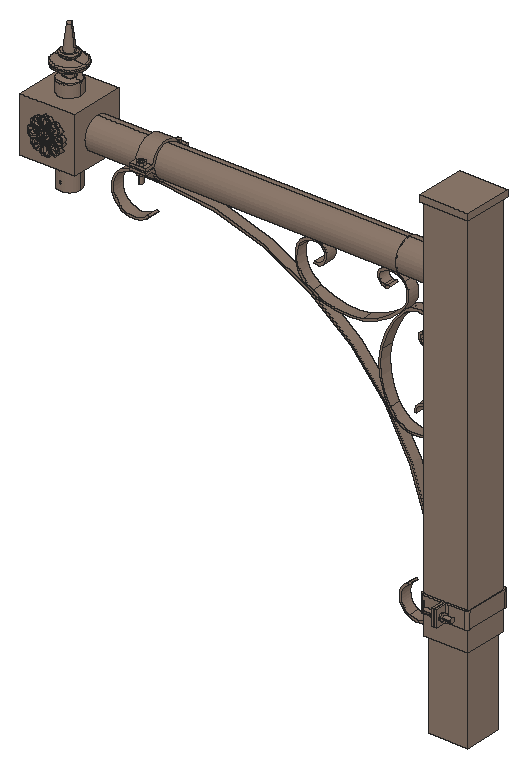
Revit family "PA844", category Generic Models, Revit 2014
Parameters
  TOP CAP = Bronze, Architectural
  TENON = Bronze, Architectural
  SCROLL CLAMPS = Bronze, Architectural
  SCROLL = Bronze, Architectural
  OUTLET = Bronze, Architectural
  FINIAL = Bronze, Architectural
  BODY = Bronze, Architectural
  ARM = Bronze, Architectural
Reference planes (in)
  plane 1 "Center (Front/Back)": y = 0
  plane 2: z = 0
  plane 3 "Center (Left/Right)": x = 0
  plane 4: z = 8
  plane 5: x = 1.75
  plane 6: x = -1.75
  plane 7: x = 1.75
  plane 8: x = 1.5
Forms (in)
  Extrusion 1, solid, material "Bronze, Architectural" <- "ARM"
    sketch origin (0, 0, 0.17188) x (1, 0, 0) y (0, 0, 1)
      loop
        line (-33.5, 39.59529) -> (-38.5, 39.59529) -> (-38.5, 34.59529) -> (-33.5, 34.59529) -> (-33.5, 39.59529)
    from -2.5 to 2.5
  Revolve 2, solid, material "Bronze, Architectural" <- "OUTLET"
    sketch origin (0, 0, 0.17188) x (1, 0, 0) y (0, 0, 1)
      loop
        line (-36, 34.59529) -> (-37, 34.59529) -> (-37, 31.84529) -> (-36, 31.84529) -> (-36, 34.59529)
      axis (-36, 34.59529) -> (-36, 31.84529)
    angle from 0 to 360
  Revolve 3, solid, material "Bronze, Architectural" <- "FINIAL"
    sketch origin (0, 0, 0.17188) x (1, 0, 0) y (0, 0, 1)
      loop
        arc (-36, 45.34529) -> (-36.12401, 45.29843) -> (-36.18603, 45.18126) r 0.1875
        line (-36.18603, 45.18126) -> (-36.465, 42.97029) -> (-36.70963, 42.92629)
        arc (-36.70963, 42.92629) -> (-36.78339, 42.88345) -> (-36.8125, 42.80327) r 0.125
        line (-36.8125, 42.80327) -> (-36.8125, 42.76231)
        arc (-36.8125, 42.76231) -> (-36.78339, 42.68213) -> (-36.70963, 42.63929) r 0.125
        line (-36.70963, 42.63929) -> (-36.49378, 42.60047)
        arc (-36.49378, 42.60047) -> (-36.39094, 42.47459) -> (-36.49941, 42.35353) r 0.125
        line (-36.49941, 42.35353) -> (-37.3915, 42.23474)
        arc (-37.3915, 42.23474) -> (-37.46904, 42.19318) -> (-37.5, 42.11083) r 0.125
        line (-37.5, 42.11083) -> (-37.5, 41.97029)
        arc (-37.5, 41.97029) -> (-37.46339, 41.8819) -> (-37.375, 41.84529) r 0.125
        line (-37.375, 41.84529) -> (-37.14824, 41.84529)
        arc (-37.14824, 41.84529) -> (-36.98937, 41.7192) -> (-36.79154, 41.67409) r 0.45796
        arc (-36.79154, 41.67409) -> (-36.89436, 41.57139) -> (-36.79162, 41.46861) r 0.10274
        line (-36.79162, 41.46861) -> (-36.52644, 41.42091)
        arc (-36.52644, 41.42091) -> (-36.48955, 41.39949) -> (-36.475, 41.3594) r 0.0625
        line (-36.475, 41.3594) -> (-36.475, 40.95345)
        arc (-36.475, 40.95345) -> (-36.48703, 40.91658) -> (-36.5185, 40.89391) r 0.0625
        line (-36.5185, 40.89391) -> (-37.019, 40.73417)
        arc (-37.019, 40.73417) -> (-37.05047, 40.7115) -> (-37.0625, 40.67463) r 0.0625
        line (-37.0625, 40.67463) -> (-37.0625, 39.59529) -> (-36, 39.59529) -> (-36, 45.34529)
      axis (-36, 39.59529) -> (-36, 45.34529)
    angle from 0 to 360
  Extrusion 4, solid, material "Bronze, Architectural" <- "SCROLL"
    sketch origin (0, 0, 0) x (1, 0, 0) y (0, 0, 1)
      loop
        arc (-29.75965, 35.7176) -> (-31.5871, 32.90144) -> (-28.26995, 32.38488) r 2
        line (-28.26995, 32.38488) -> (-28.41013, 32.51015)
        arc (-28.41013, 32.51015) -> (-31.41518, 32.97751) -> (-29.76121, 35.5296) r 1.812
        line (-29.76121, 35.5296) -> (-27.21262, 35.46287)
        arc (-27.21262, 35.46287) -> (-9.93583, 28.33308) -> (-2.376, 11.24009) r 25.10022
        line (-2.376, 11.24009) -> (-2.376, 9.47)
        arc (-2.376, 9.47) -> (-3.0984, 8.20433) -> (-4.55555, 8.18267) r 1.46996
        arc (-4.55555, 8.18267) -> (-5.27928, 9.35672) -> (-4.61031, 10.56281) r 1.36547
        line (-4.61031, 10.56281) -> (-4.71634, 10.71846)
        arc (-4.71634, 10.71846) -> (-5.46707, 9.34592) -> (-4.6429, 8.01618) r 1.55347
        arc (-4.6429, 8.01618) -> (-3.00112, 8.04345) -> (-2.188, 9.46999) r 1.65793
        line (-2.188, 9.46999) -> (-2.188, 11.31018)
        arc (-2.188, 11.31018) -> (-9.82701, 28.4894) -> (-27.21072, 35.65086) r 25.29283
        line (-27.21072, 35.65086) -> (-29.75965, 35.7176)
      loop
        arc (-3.68586, 31.07747) -> (-3.13459, 30.56676) -> (-2.40845, 30.76026) r 0.77829
        arc (-2.40845, 30.76026) -> (-2.00597, 31.95928) -> (-2.60963, 33.07069) r 1.58388
        arc (-2.60963, 33.07069) -> (-3.90375, 33.43572) -> (-5.10644, 32.83445) r 1.86271
        arc (-5.10644, 32.83445) -> (-6.39852, 31.1574) -> (-7.18533, 29.19197) r 7.70405
        arc (-7.18533, 29.19197) -> (-7.2283, 26.78027) -> (-6.44513, 24.49887) r 6.95648
        arc (-6.44513, 24.49887) -> (-4.98494, 23.19535) -> (-3.02777, 23.16743) r 2.79862
        arc (-3.02777, 23.16743) -> (-2.19999, 23.9199) -> (-2.01488, 25.02315) r 1.70921
        arc (-2.01488, 25.02315) -> (-2.74436, 25.84826) -> (-3.82284, 25.62507) r 1.09781
        arc (-3.82284, 25.62507) -> (-4.04128, 25.29948) -> (-4.07663, 24.909) r 0.79136
        line (-4.07663, 24.909) -> (-3.89088, 24.9346)
        arc (-3.89088, 24.9346) -> (-3.86203, 25.23017) -> (-3.7028, 25.48085) r 0.63957
        arc (-3.7028, 25.48085) -> (-2.80811, 25.67185) -> (-2.19928, 24.98901) r 0.91031
        arc (-2.19928, 24.98901) -> (-2.36393, 24.01092) -> (-3.09631, 23.34205) r 1.52171
        arc (-3.09631, 23.34205) -> (-4.92909, 23.37482) -> (-6.28897, 24.60399) r 2.61192
        arc (-6.28897, 24.60399) -> (-7.044, 26.81526) -> (-7.00218, 29.1515) r 6.76898
        arc (-7.00218, 29.1515) -> (-6.23315, 31.06887) -> (-4.97119, 32.70447) r 7.51655
        arc (-4.97119, 32.70447) -> (-3.88952, 33.24873) -> (-2.72362, 32.9218) r 1.67521
        arc (-2.72362, 32.9218) -> (-2.193, 31.94565) -> (-2.54291, 30.89115) r 1.39638
        arc (-2.54291, 30.89115) -> (-3.09751, 30.75081) -> (-3.511, 31.14615) r 0.59079
        arc (-3.511, 31.14615) -> (-3.52407, 31.37504) -> (-3.36996, 31.54478) r 0.29639
        line (-3.36996, 31.54478) -> (-3.44923, 31.7147)
        arc (-3.44923, 31.7147) -> (-3.69828, 31.44463) -> (-3.68586, 31.07747) r 0.48389
      loop
        arc (-6.85623, 34.39679) -> (-7.25157, 34.81028) -> (-7.11123, 35.36488) r 0.59079
        arc (-7.11123, 35.36488) -> (-6.05673, 35.71479) -> (-5.08058, 35.18417) r 1.39638
        arc (-5.08058, 35.18417) -> (-4.75365, 34.01827) -> (-5.29791, 32.9366) r 1.67521
        arc (-5.29791, 32.9366) -> (-6.93351, 31.67464) -> (-8.85088, 30.90561) r 7.51655
        arc (-8.85088, 30.90561) -> (-11.1962, 30.86522) -> (-13.41448, 31.62769) r 6.76898
        arc (-13.41448, 31.62769) -> (-14.63093, 32.98733) -> (-14.66033, 34.81148) r 2.61112
        arc (-14.66033, 34.81148) -> (-13.99146, 35.54386) -> (-13.01337, 35.70851) r 1.52171
        arc (-13.01337, 35.70851) -> (-12.3319, 35.10386) -> (-12.51566, 34.21153) r 0.91031
        arc (-12.51566, 34.21153) -> (-12.83919, 34.02665) -> (-13.21082, 34.05399) r 0.63811
        line (-13.21082, 34.05399) -> (-13.27857, 33.87916)
        arc (-13.27857, 33.87916) -> (-12.79644, 33.84408) -> (-12.37731, 34.08495) r 0.82561
        arc (-12.37731, 34.08495) -> (-12.15412, 35.16343) -> (-12.97923, 35.89291) r 1.09781
        arc (-12.97923, 35.89291) -> (-14.08248, 35.7078) -> (-14.83495, 34.88002) r 1.70921
        arc (-14.83495, 34.88002) -> (-14.78748, 32.93046) -> (-13.50351, 31.46266) r 2.86582
        arc (-13.50351, 31.46266) -> (-11.22211, 30.67949) -> (-8.81041, 30.72246) r 6.95648
        arc (-8.81041, 30.72246) -> (-6.84498, 31.50927) -> (-5.16793, 32.80135) r 7.70405
        arc (-5.16793, 32.80135) -> (-4.56666, 34.00404) -> (-4.93169, 35.29816) r 1.86271
        arc (-4.93169, 35.29816) -> (-6.0431, 35.90182) -> (-7.24212, 35.49934) r 1.58388
        arc (-7.24212, 35.49934) -> (-7.43562, 34.7732) -> (-6.92491, 34.22193) r 0.77829
        arc (-6.92491, 34.22193) -> (-6.63477, 34.18796) -> (-6.37795, 34.32717) r 0.48389
        line (-6.37795, 34.32717) -> (-6.51057, 34.45978)
        arc (-6.51057, 34.45978) -> (-6.67306, 34.37155) -> (-6.85623, 34.39679) r 0.29639
    from -0.5 to 0.5
  Revolve 5, void
    sketch origin (0, 0, 0.17188) x (1, 0, 0) y (0, 0, 1)
      loop
        line (-36.875, 31.84529) -> (-36, 31.84529) -> (-36, 35.34529) -> (-36.875, 35.34529) -> (-36.875, 31.84529)
      axis (-36, 31.84529) -> (-36, 35.34529)
    angle from 0 to 360
  Extrusion 6, void
    sketch origin (0, 0, 0.17188) x (1, 0, 0) y (0, 0, 1)
      loop
        circle (-36, 32.59529) r 0.125
      loop
        circle (-36, 33.59529) r 0.125
    from -1.2724 to 1.29049
  Extrusion 7, solid, material "Bronze, Architectural" <- "ARM"
    sketch origin (129.21662, 0, -150.81264) x (1, 0, 0) y (0, 0, 1)
      loop
        circle (-165.21937, 188.07928) r 0.20742
      loop
        circle (-165.21937, 188.07928) r 0.375
      loop
        circle (-165.08677, 188.72199) r 0.09375
      loop
        circle (-165.08677, 188.72199) r 0.12852
      loop
        arc (-165.21937, 189.58511) -> (-164.93257, 189.62361) -> (-164.80411, 189.36432) r 0.24827
        arc (-164.80411, 189.36432) -> (-164.86743, 189.08154) -> (-164.98009, 188.81455) r 1.62115
        arc (-164.98009, 188.81455) -> (-164.96654, 188.79802) -> (-164.9559, 188.77949) r 0.12964
        arc (-164.9559, 188.77949) -> (-164.82704, 189.032) -> (-164.72561, 189.29673) r 2.67756
        arc (-164.72561, 189.29673) -> (-164.84823, 189.62242) -> (-165.19363, 189.665) r 0.33619
        arc (-165.19363, 189.665) -> (-165.5385, 189.66131) -> (-165.7324, 189.37609) r 0.37234
        arc (-165.7324, 189.37609) -> (-165.62852, 189.07013) -> (-165.48477, 188.78075) r 2.41708
        arc (-165.48477, 188.78075) -> (-165.47296, 188.79884) -> (-165.4591, 188.81541) r 0.18293
        arc (-165.4591, 188.81541) -> (-165.57146, 189.08202) -> (-165.63463, 189.36437) r 1.6212
        arc (-165.63463, 189.36437) -> (-165.50614, 189.62362) -> (-165.21937, 189.58511) r 0.24827
      loop
        arc (-165.13162, 189.59236) -> (-165.20022, 189.53426) -> (-165.16529, 189.45141) r 0.07594
        arc (-165.16529, 189.45141) -> (-165.03485, 189.15812) -> (-165.13091, 188.85185) r 0.45413
        line (-165.13091, 188.85185) -> (-165.09962, 188.85886)
        arc (-165.09962, 188.85886) -> (-164.95651, 189.0853) -> (-164.90404, 189.34799) r 0.735
        arc (-164.90404, 189.34799) -> (-164.97134, 189.51348) -> (-165.13162, 189.59236) r 0.25115
      loop
        arc (-165.27123, 189.45373) -> (-165.24543, 189.55253) -> (-165.34177, 189.58639) r 0.07538
        arc (-165.34177, 189.58639) -> (-165.47895, 189.50015) -> (-165.53469, 189.34799) r 0.25062
        arc (-165.53469, 189.34799) -> (-165.48171, 189.08402) -> (-165.33723, 188.85683) r 0.735
        line (-165.33723, 188.85683) -> (-165.30495, 188.85683)
        arc (-165.30495, 188.85683) -> (-165.40151, 189.16169) -> (-165.27123, 189.45373) r 0.45011
      loop
        circle (-165.35036, 188.72199) r 0.09375
      loop
        circle (-165.35036, 188.72199) r 0.12852
    from -2.75 to -2.25
  Extrusion 8, solid, material "Bronze, Architectural" <- "ARM"
    sketch origin (213.81534, 0, 21.10215) x (0.707107, 0, 0.707107) y (-0.707107, 0, 0.707107)
      loop
        circle (-165.21937, 188.07928) r 0.20742
      loop
        circle (-165.21937, 188.07928) r 0.375
      loop
        circle (-165.08677, 188.72199) r 0.09375
      loop
        circle (-165.08677, 188.72199) r 0.12852
      loop
        arc (-165.21937, 189.58511) -> (-164.93257, 189.62361) -> (-164.80411, 189.36432) r 0.24827
        arc (-164.80411, 189.36432) -> (-164.86743, 189.08154) -> (-164.98009, 188.81455) r 1.62115
        arc (-164.98009, 188.81455) -> (-164.96654, 188.79802) -> (-164.9559, 188.77949) r 0.12964
        arc (-164.9559, 188.77949) -> (-164.82704, 189.032) -> (-164.72561, 189.29673) r 2.67756
        arc (-164.72561, 189.29673) -> (-164.84823, 189.62242) -> (-165.19363, 189.665) r 0.33619
        arc (-165.19363, 189.665) -> (-165.5385, 189.66131) -> (-165.7324, 189.37609) r 0.37234
        arc (-165.7324, 189.37609) -> (-165.62852, 189.07013) -> (-165.48477, 188.78075) r 2.41708
        arc (-165.48477, 188.78075) -> (-165.47296, 188.79884) -> (-165.4591, 188.81541) r 0.18293
        arc (-165.4591, 188.81541) -> (-165.57146, 189.08202) -> (-165.63463, 189.36437) r 1.6212
        arc (-165.63463, 189.36437) -> (-165.50614, 189.62362) -> (-165.21937, 189.58511) r 0.24827
      loop
        arc (-165.13162, 189.59236) -> (-165.20022, 189.53426) -> (-165.16529, 189.45141) r 0.07594
        arc (-165.16529, 189.45141) -> (-165.03485, 189.15812) -> (-165.13091, 188.85185) r 0.45413
        line (-165.13091, 188.85185) -> (-165.09962, 188.85886)
        arc (-165.09962, 188.85886) -> (-164.95651, 189.0853) -> (-164.90404, 189.34799) r 0.735
        arc (-164.90404, 189.34799) -> (-164.97134, 189.51348) -> (-165.13162, 189.59236) r 0.25115
      loop
        arc (-165.27123, 189.45373) -> (-165.24543, 189.55253) -> (-165.34177, 189.58639) r 0.07538
        arc (-165.34177, 189.58639) -> (-165.47895, 189.50015) -> (-165.53469, 189.34799) r 0.25062
        arc (-165.53469, 189.34799) -> (-165.48171, 189.08402) -> (-165.33723, 188.85683) r 0.735
        line (-165.33723, 188.85683) -> (-165.30495, 188.85683)
        arc (-165.30495, 188.85683) -> (-165.40151, 189.16169) -> (-165.27123, 189.45373) r 0.45011
      loop
        circle (-165.35036, 188.72199) r 0.09375
      loop
        circle (-165.35036, 188.72199) r 0.12852
    from -2.75 to -2.25
  Extrusion 9, solid, material "Bronze, Architectural" <- "ARM"
    sketch origin (152.08031, 0, 202.48818) x (0, 0, 1) y (-1, 0, 0)
      loop
        circle (-165.21937, 188.07928) r 0.20742
      loop
        circle (-165.21937, 188.07928) r 0.375
      loop
        circle (-165.08677, 188.72199) r 0.09375
      loop
        circle (-165.08677, 188.72199) r 0.12852
      loop
        arc (-165.21937, 189.58511) -> (-164.93257, 189.62361) -> (-164.80411, 189.36432) r 0.24827
        arc (-164.80411, 189.36432) -> (-164.86743, 189.08154) -> (-164.98009, 188.81455) r 1.62115
        arc (-164.98009, 188.81455) -> (-164.96654, 188.79802) -> (-164.9559, 188.77949) r 0.12964
        arc (-164.9559, 188.77949) -> (-164.82704, 189.032) -> (-164.72561, 189.29673) r 2.67756
        arc (-164.72561, 189.29673) -> (-164.84823, 189.62242) -> (-165.19363, 189.665) r 0.33619
        arc (-165.19363, 189.665) -> (-165.5385, 189.66131) -> (-165.7324, 189.37609) r 0.37234
        arc (-165.7324, 189.37609) -> (-165.62852, 189.07013) -> (-165.48477, 188.78075) r 2.41708
        arc (-165.48477, 188.78075) -> (-165.47296, 188.79884) -> (-165.4591, 188.81541) r 0.18293
        arc (-165.4591, 188.81541) -> (-165.57146, 189.08202) -> (-165.63463, 189.36437) r 1.6212
        arc (-165.63463, 189.36437) -> (-165.50614, 189.62362) -> (-165.21937, 189.58511) r 0.24827
      loop
        arc (-165.13162, 189.59236) -> (-165.20022, 189.53426) -> (-165.16529, 189.45141) r 0.07594
        arc (-165.16529, 189.45141) -> (-165.03485, 189.15812) -> (-165.13091, 188.85185) r 0.45413
        line (-165.13091, 188.85185) -> (-165.09962, 188.85886)
        arc (-165.09962, 188.85886) -> (-164.95651, 189.0853) -> (-164.90404, 189.34799) r 0.735
        arc (-164.90404, 189.34799) -> (-164.97134, 189.51348) -> (-165.13162, 189.59236) r 0.25115
      loop
        arc (-165.27123, 189.45373) -> (-165.24543, 189.55253) -> (-165.34177, 189.58639) r 0.07538
        arc (-165.34177, 189.58639) -> (-165.47895, 189.50015) -> (-165.53469, 189.34799) r 0.25062
        arc (-165.53469, 189.34799) -> (-165.48171, 189.08402) -> (-165.33723, 188.85683) r 0.735
        line (-165.33723, 188.85683) -> (-165.30495, 188.85683)
        arc (-165.30495, 188.85683) -> (-165.40151, 189.16169) -> (-165.27123, 189.45373) r 0.45011
      loop
        circle (-165.35036, 188.72199) r 0.09375
      loop
        circle (-165.35036, 188.72199) r 0.12852
    from -2.75 to -2.25
  Extrusion 10, solid, material "Bronze, Architectural" <- "ARM"
    sketch origin (-19.83688, 0, 287.08295) x (-0.707107, 0, 0.707107) y (-0.707107, 0, -0.707107)
      loop
        circle (-165.21937, 188.07928) r 0.20742
      loop
        circle (-165.21937, 188.07928) r 0.375
      loop
        circle (-165.08677, 188.72199) r 0.09375
      loop
        circle (-165.08677, 188.72199) r 0.12852
      loop
        arc (-165.21937, 189.58511) -> (-164.93257, 189.62361) -> (-164.80411, 189.36432) r 0.24827
        arc (-164.80411, 189.36432) -> (-164.86743, 189.08154) -> (-164.98009, 188.81455) r 1.62115
        arc (-164.98009, 188.81455) -> (-164.96654, 188.79802) -> (-164.9559, 188.77949) r 0.12964
        arc (-164.9559, 188.77949) -> (-164.82704, 189.032) -> (-164.72561, 189.29673) r 2.67756
        arc (-164.72561, 189.29673) -> (-164.84823, 189.62242) -> (-165.19363, 189.665) r 0.33619
        arc (-165.19363, 189.665) -> (-165.5385, 189.66131) -> (-165.7324, 189.37609) r 0.37234
        arc (-165.7324, 189.37609) -> (-165.62852, 189.07013) -> (-165.48477, 188.78075) r 2.41708
        arc (-165.48477, 188.78075) -> (-165.47296, 188.79884) -> (-165.4591, 188.81541) r 0.18293
        arc (-165.4591, 188.81541) -> (-165.57146, 189.08202) -> (-165.63463, 189.36437) r 1.6212
        arc (-165.63463, 189.36437) -> (-165.50614, 189.62362) -> (-165.21937, 189.58511) r 0.24827
      loop
        arc (-165.13162, 189.59236) -> (-165.20022, 189.53426) -> (-165.16529, 189.45141) r 0.07594
        arc (-165.16529, 189.45141) -> (-165.03485, 189.15812) -> (-165.13091, 188.85185) r 0.45413
        line (-165.13091, 188.85185) -> (-165.09962, 188.85886)
        arc (-165.09962, 188.85886) -> (-164.95651, 189.0853) -> (-164.90404, 189.34799) r 0.735
        arc (-164.90404, 189.34799) -> (-164.97134, 189.51348) -> (-165.13162, 189.59236) r 0.25115
      loop
        arc (-165.27123, 189.45373) -> (-165.24543, 189.55253) -> (-165.34177, 189.58639) r 0.07538
        arc (-165.34177, 189.58639) -> (-165.47895, 189.50015) -> (-165.53469, 189.34799) r 0.25062
        arc (-165.53469, 189.34799) -> (-165.48171, 189.08402) -> (-165.33723, 188.85683) r 0.735
        line (-165.33723, 188.85683) -> (-165.30495, 188.85683)
        arc (-165.30495, 188.85683) -> (-165.40151, 189.16169) -> (-165.27123, 189.45373) r 0.45011
      loop
        circle (-165.35036, 188.72199) r 0.09375
      loop
        circle (-165.35036, 188.72199) r 0.12852
    from -2.75 to -2.25
  Extrusion 11, solid, material "Bronze, Architectural" <- "TENON"
    sketch origin (0, 0, 0) x (1, 0, 0) y (0, 0, 1)
      loop
        line (1.75, 0) -> (1.75, 8) -> (-1.75, 8) -> (-1.75, 0) -> (1.75, 0)
    from -1.75 to 1.75
  Extrusion 12, solid, material "Bronze, Architectural" <- "BODY"
    sketch origin (0, 0, 0) x (1, 0, 0) y (0, 0, 1)
      loop
        line (2, 44) -> (-2, 44) -> (-2, 8) -> (2, 8) -> (2, 44)
    from -2 to 2
  Extrusion 13, void
    sketch origin (0, 0, 0) x (1, 0, 0) y (0, 0, 1)
      loop
        line (1.5, 0) -> (1.5, 8.36221) -> (-1.5, 8.36221) -> (-1.5, 0) -> (1.5, 0)
    from -1.5 to 1.5
  Extrusion 14, solid, material "Bronze, Architectural" <- "ARM"
    sketch origin (-201.22358, 0, 225.34644) x (-1, 0, 0) y (0, 0, -1)
      loop
        circle (-165.21937, 188.07928) r 0.20742
      loop
        circle (-165.21937, 188.07928) r 0.375
      loop
        circle (-165.08677, 188.72199) r 0.09375
      loop
        circle (-165.08677, 188.72199) r 0.12852
      loop
        arc (-165.21937, 189.58511) -> (-164.93257, 189.62361) -> (-164.80411, 189.36432) r 0.24827
        arc (-164.80411, 189.36432) -> (-164.86743, 189.08154) -> (-164.98009, 188.81455) r 1.62115
        arc (-164.98009, 188.81455) -> (-164.96654, 188.79802) -> (-164.9559, 188.77949) r 0.12964
        arc (-164.9559, 188.77949) -> (-164.82704, 189.032) -> (-164.72561, 189.29673) r 2.67756
        arc (-164.72561, 189.29673) -> (-164.84823, 189.62242) -> (-165.19363, 189.665) r 0.33619
        arc (-165.19363, 189.665) -> (-165.5385, 189.66131) -> (-165.7324, 189.37609) r 0.37234
        arc (-165.7324, 189.37609) -> (-165.62852, 189.07013) -> (-165.48477, 188.78075) r 2.41708
        arc (-165.48477, 188.78075) -> (-165.47296, 188.79884) -> (-165.4591, 188.81541) r 0.18293
        arc (-165.4591, 188.81541) -> (-165.57146, 189.08202) -> (-165.63463, 189.36437) r 1.6212
        arc (-165.63463, 189.36437) -> (-165.50614, 189.62362) -> (-165.21937, 189.58511) r 0.24827
      loop
        arc (-165.13162, 189.59236) -> (-165.20022, 189.53426) -> (-165.16529, 189.45141) r 0.07594
        arc (-165.16529, 189.45141) -> (-165.03485, 189.15812) -> (-165.13091, 188.85185) r 0.45413
        line (-165.13091, 188.85185) -> (-165.09962, 188.85886)
        arc (-165.09962, 188.85886) -> (-164.95651, 189.0853) -> (-164.90404, 189.34799) r 0.735
        arc (-164.90404, 189.34799) -> (-164.97134, 189.51348) -> (-165.13162, 189.59236) r 0.25115
      loop
        arc (-165.27123, 189.45373) -> (-165.24543, 189.55253) -> (-165.34177, 189.58639) r 0.07538
        arc (-165.34177, 189.58639) -> (-165.47895, 189.50015) -> (-165.53469, 189.34799) r 0.25062
        arc (-165.53469, 189.34799) -> (-165.48171, 189.08402) -> (-165.33723, 188.85683) r 0.735
        line (-165.33723, 188.85683) -> (-165.30495, 188.85683)
        arc (-165.30495, 188.85683) -> (-165.40151, 189.16169) -> (-165.27123, 189.45373) r 0.45011
      loop
        circle (-165.35036, 188.72199) r 0.09375
      loop
        circle (-165.35036, 188.72199) r 0.12852
    from -2.75 to -2.5
  Extrusion 15, solid, material "Bronze, Architectural" <- "ARM"
    sketch origin (-285.82483, 0, 53.43476) x (-0.707107, 0, -0.707107) y (0.707107, 0, -0.707107)
      loop
        circle (-165.21937, 188.07928) r 0.20742
      loop
        circle (-165.21937, 188.07928) r 0.375
      loop
        circle (-165.08677, 188.72199) r 0.09375
      loop
        circle (-165.08677, 188.72199) r 0.12852
      loop
        arc (-165.21937, 189.58511) -> (-164.93257, 189.62361) -> (-164.80411, 189.36432) r 0.24827
        arc (-164.80411, 189.36432) -> (-164.86743, 189.08154) -> (-164.98009, 188.81455) r 1.62115
        arc (-164.98009, 188.81455) -> (-164.96654, 188.79802) -> (-164.9559, 188.77949) r 0.12964
        arc (-164.9559, 188.77949) -> (-164.82704, 189.032) -> (-164.72561, 189.29673) r 2.67756
        arc (-164.72561, 189.29673) -> (-164.84823, 189.62242) -> (-165.19363, 189.665) r 0.33619
        arc (-165.19363, 189.665) -> (-165.5385, 189.66131) -> (-165.7324, 189.37609) r 0.37234
        arc (-165.7324, 189.37609) -> (-165.62852, 189.07013) -> (-165.48477, 188.78075) r 2.41708
        arc (-165.48477, 188.78075) -> (-165.47296, 188.79884) -> (-165.4591, 188.81541) r 0.18293
        arc (-165.4591, 188.81541) -> (-165.57146, 189.08202) -> (-165.63463, 189.36437) r 1.6212
        arc (-165.63463, 189.36437) -> (-165.50614, 189.62362) -> (-165.21937, 189.58511) r 0.24827
      loop
        arc (-165.13162, 189.59236) -> (-165.20022, 189.53426) -> (-165.16529, 189.45141) r 0.07594
        arc (-165.16529, 189.45141) -> (-165.03485, 189.15812) -> (-165.13091, 188.85185) r 0.45413
        line (-165.13091, 188.85185) -> (-165.09962, 188.85886)
        arc (-165.09962, 188.85886) -> (-164.95651, 189.0853) -> (-164.90404, 189.34799) r 0.735
        arc (-164.90404, 189.34799) -> (-164.97134, 189.51348) -> (-165.13162, 189.59236) r 0.25115
      loop
        arc (-165.27123, 189.45373) -> (-165.24543, 189.55253) -> (-165.34177, 189.58639) r 0.07538
        arc (-165.34177, 189.58639) -> (-165.47895, 189.50015) -> (-165.53469, 189.34799) r 0.25062
        arc (-165.53469, 189.34799) -> (-165.48171, 189.08402) -> (-165.33723, 188.85683) r 0.735
        line (-165.33723, 188.85683) -> (-165.30495, 188.85683)
        arc (-165.30495, 188.85683) -> (-165.40151, 189.16169) -> (-165.27123, 189.45373) r 0.45011
      loop
        circle (-165.35036, 188.72199) r 0.09375
      loop
        circle (-165.35036, 188.72199) r 0.12852
    from -2.75 to -2.5
  Extrusion 16, solid, material "Bronze, Architectural" <- "ARM"
    sketch origin (-224.08349, 0, -127.9522) x (0, 0, -1) y (1, 0, 0)
      loop
        circle (-165.21937, 188.07928) r 0.20742
      loop
        circle (-165.21937, 188.07928) r 0.375
      loop
        circle (-165.08677, 188.72199) r 0.09375
      loop
        circle (-165.08677, 188.72199) r 0.12852
      loop
        arc (-165.21937, 189.58511) -> (-164.93257, 189.62361) -> (-164.80411, 189.36432) r 0.24827
        arc (-164.80411, 189.36432) -> (-164.86743, 189.08154) -> (-164.98009, 188.81455) r 1.62115
        arc (-164.98009, 188.81455) -> (-164.96654, 188.79802) -> (-164.9559, 188.77949) r 0.12964
        arc (-164.9559, 188.77949) -> (-164.82704, 189.032) -> (-164.72561, 189.29673) r 2.67756
        arc (-164.72561, 189.29673) -> (-164.84823, 189.62242) -> (-165.19363, 189.665) r 0.33619
        arc (-165.19363, 189.665) -> (-165.5385, 189.66131) -> (-165.7324, 189.37609) r 0.37234
        arc (-165.7324, 189.37609) -> (-165.62852, 189.07013) -> (-165.48477, 188.78075) r 2.41708
        arc (-165.48477, 188.78075) -> (-165.47296, 188.79884) -> (-165.4591, 188.81541) r 0.18293
        arc (-165.4591, 188.81541) -> (-165.57146, 189.08202) -> (-165.63463, 189.36437) r 1.6212
        arc (-165.63463, 189.36437) -> (-165.50614, 189.62362) -> (-165.21937, 189.58511) r 0.24827
      loop
        arc (-165.13162, 189.59236) -> (-165.20022, 189.53426) -> (-165.16529, 189.45141) r 0.07594
        arc (-165.16529, 189.45141) -> (-165.03485, 189.15812) -> (-165.13091, 188.85185) r 0.45413
        line (-165.13091, 188.85185) -> (-165.09962, 188.85886)
        arc (-165.09962, 188.85886) -> (-164.95651, 189.0853) -> (-164.90404, 189.34799) r 0.735
        arc (-164.90404, 189.34799) -> (-164.97134, 189.51348) -> (-165.13162, 189.59236) r 0.25115
      loop
        arc (-165.27123, 189.45373) -> (-165.24543, 189.55253) -> (-165.34177, 189.58639) r 0.07538
        arc (-165.34177, 189.58639) -> (-165.47895, 189.50015) -> (-165.53469, 189.34799) r 0.25062
        arc (-165.53469, 189.34799) -> (-165.48171, 189.08402) -> (-165.33723, 188.85683) r 0.735
        line (-165.33723, 188.85683) -> (-165.30495, 188.85683)
        arc (-165.30495, 188.85683) -> (-165.40151, 189.16169) -> (-165.27123, 189.45373) r 0.45011
      loop
        circle (-165.35036, 188.72199) r 0.09375
      loop
        circle (-165.35036, 188.72199) r 0.12852
    from -2.75 to -2.25
  Extrusion 17, solid, material "Bronze, Architectural" <- "ARM"
    sketch origin (-52.16864, 0, -212.55163) x (0.707107, 0, -0.707107) y (0.707107, 0, 0.707107)
      loop
        circle (-165.21937, 188.07928) r 0.20742
      loop
        circle (-165.21937, 188.07928) r 0.375
      loop
        circle (-165.08677, 188.72199) r 0.09375
      loop
        circle (-165.08677, 188.72199) r 0.12852
      loop
        arc (-165.21937, 189.58511) -> (-164.93257, 189.62361) -> (-164.80411, 189.36432) r 0.24827
        arc (-164.80411, 189.36432) -> (-164.86743, 189.08154) -> (-164.98009, 188.81455) r 1.62115
        arc (-164.98009, 188.81455) -> (-164.96654, 188.79802) -> (-164.9559, 188.77949) r 0.12964
        arc (-164.9559, 188.77949) -> (-164.82704, 189.032) -> (-164.72561, 189.29673) r 2.67756
        arc (-164.72561, 189.29673) -> (-164.84823, 189.62242) -> (-165.19363, 189.665) r 0.33619
        arc (-165.19363, 189.665) -> (-165.5385, 189.66131) -> (-165.7324, 189.37609) r 0.37234
        arc (-165.7324, 189.37609) -> (-165.62852, 189.07013) -> (-165.48477, 188.78075) r 2.41708
        arc (-165.48477, 188.78075) -> (-165.47296, 188.79884) -> (-165.4591, 188.81541) r 0.18293
        arc (-165.4591, 188.81541) -> (-165.57146, 189.08202) -> (-165.63463, 189.36437) r 1.6212
        arc (-165.63463, 189.36437) -> (-165.50614, 189.62362) -> (-165.21937, 189.58511) r 0.24827
      loop
        arc (-165.13162, 189.59236) -> (-165.20022, 189.53426) -> (-165.16529, 189.45141) r 0.07594
        arc (-165.16529, 189.45141) -> (-165.03485, 189.15812) -> (-165.13091, 188.85185) r 0.45413
        line (-165.13091, 188.85185) -> (-165.09962, 188.85886)
        arc (-165.09962, 188.85886) -> (-164.95651, 189.0853) -> (-164.90404, 189.34799) r 0.735
        arc (-164.90404, 189.34799) -> (-164.97134, 189.51348) -> (-165.13162, 189.59236) r 0.25115
      loop
        arc (-165.27123, 189.45373) -> (-165.24543, 189.55253) -> (-165.34177, 189.58639) r 0.07538
        arc (-165.34177, 189.58639) -> (-165.47895, 189.50015) -> (-165.53469, 189.34799) r 0.25062
        arc (-165.53469, 189.34799) -> (-165.48171, 189.08402) -> (-165.33723, 188.85683) r 0.735
        line (-165.33723, 188.85683) -> (-165.30495, 188.85683)
        arc (-165.30495, 188.85683) -> (-165.40151, 189.16169) -> (-165.27123, 189.45373) r 0.45011
      loop
        circle (-165.35036, 188.72199) r 0.09375
      loop
        circle (-165.35036, 188.72199) r 0.12852
    from -2.75 to -2.25
  Extrusion 18, solid, material "Bronze, Architectural" <- "ARM"
    sketch origin (-36.00159, 165.21821, -150.81264) x (0, 1, 0) y (0, 0, 1)
      loop
        circle (-165.21937, 188.07928) r 0.20742
      loop
        circle (-165.21937, 188.07928) r 0.375
      loop
        circle (-165.08677, 188.72199) r 0.09375
      loop
        circle (-165.08677, 188.72199) r 0.12852
      loop
        arc (-165.21937, 189.58511) -> (-164.93257, 189.62361) -> (-164.80411, 189.36432) r 0.24827
        arc (-164.80411, 189.36432) -> (-164.86743, 189.08154) -> (-164.98009, 188.81455) r 1.62115
        arc (-164.98009, 188.81455) -> (-164.96654, 188.79802) -> (-164.9559, 188.77949) r 0.12964
        arc (-164.9559, 188.77949) -> (-164.82704, 189.032) -> (-164.72561, 189.29673) r 2.67756
        arc (-164.72561, 189.29673) -> (-164.84823, 189.62242) -> (-165.19363, 189.665) r 0.33619
        arc (-165.19363, 189.665) -> (-165.5385, 189.66131) -> (-165.7324, 189.37609) r 0.37234
        arc (-165.7324, 189.37609) -> (-165.62852, 189.07013) -> (-165.48477, 188.78075) r 2.41708
        arc (-165.48477, 188.78075) -> (-165.47296, 188.79884) -> (-165.4591, 188.81541) r 0.18293
        arc (-165.4591, 188.81541) -> (-165.57146, 189.08202) -> (-165.63463, 189.36437) r 1.6212
        arc (-165.63463, 189.36437) -> (-165.50614, 189.62362) -> (-165.21937, 189.58511) r 0.24827
      loop
        arc (-165.13162, 189.59236) -> (-165.20022, 189.53426) -> (-165.16529, 189.45141) r 0.07594
        arc (-165.16529, 189.45141) -> (-165.03485, 189.15812) -> (-165.13091, 188.85185) r 0.45413
        line (-165.13091, 188.85185) -> (-165.09962, 188.85886)
        arc (-165.09962, 188.85886) -> (-164.95651, 189.0853) -> (-164.90404, 189.34799) r 0.735
        arc (-164.90404, 189.34799) -> (-164.97134, 189.51348) -> (-165.13162, 189.59236) r 0.25115
      loop
        arc (-165.27123, 189.45373) -> (-165.24543, 189.55253) -> (-165.34177, 189.58639) r 0.07538
        arc (-165.34177, 189.58639) -> (-165.47895, 189.50015) -> (-165.53469, 189.34799) r 0.25062
        arc (-165.53469, 189.34799) -> (-165.48171, 189.08402) -> (-165.33723, 188.85683) r 0.735
        line (-165.33723, 188.85683) -> (-165.30495, 188.85683)
        arc (-165.30495, 188.85683) -> (-165.40151, 189.16169) -> (-165.27123, 189.45373) r 0.45011
      loop
        circle (-165.35036, 188.72199) r 0.09375
      loop
        circle (-165.35036, 188.72199) r 0.12852
    from -2.75 to -2.24841
  Extrusion 19, solid, material "Bronze, Architectural" <- "ARM"
    sketch origin (-36.00159, 249.81693, 21.10215) x (0, 0.707107, 0.707107) y (0, -0.707107, 0.707107)
      loop
        circle (-165.21937, 188.07928) r 0.20742
      loop
        circle (-165.21937, 188.07928) r 0.375
      loop
        circle (-165.08677, 188.72199) r 0.09375
      loop
        circle (-165.08677, 188.72199) r 0.12852
      loop
        arc (-165.21937, 189.58511) -> (-164.93257, 189.62361) -> (-164.80411, 189.36432) r 0.24827
        arc (-164.80411, 189.36432) -> (-164.86743, 189.08154) -> (-164.98009, 188.81455) r 1.62115
        arc (-164.98009, 188.81455) -> (-164.96654, 188.79802) -> (-164.9559, 188.77949) r 0.12964
        arc (-164.9559, 188.77949) -> (-164.82704, 189.032) -> (-164.72561, 189.29673) r 2.67756
        arc (-164.72561, 189.29673) -> (-164.84823, 189.62242) -> (-165.19363, 189.665) r 0.33619
        arc (-165.19363, 189.665) -> (-165.5385, 189.66131) -> (-165.7324, 189.37609) r 0.37234
        arc (-165.7324, 189.37609) -> (-165.62852, 189.07013) -> (-165.48477, 188.78075) r 2.41708
        arc (-165.48477, 188.78075) -> (-165.47296, 188.79884) -> (-165.4591, 188.81541) r 0.18293
        arc (-165.4591, 188.81541) -> (-165.57146, 189.08202) -> (-165.63463, 189.36437) r 1.6212
        arc (-165.63463, 189.36437) -> (-165.50614, 189.62362) -> (-165.21937, 189.58511) r 0.24827
      loop
        arc (-165.13162, 189.59236) -> (-165.20022, 189.53426) -> (-165.16529, 189.45141) r 0.07594
        arc (-165.16529, 189.45141) -> (-165.03485, 189.15812) -> (-165.13091, 188.85185) r 0.45413
        line (-165.13091, 188.85185) -> (-165.09962, 188.85886)
        arc (-165.09962, 188.85886) -> (-164.95651, 189.0853) -> (-164.90404, 189.34799) r 0.735
        arc (-164.90404, 189.34799) -> (-164.97134, 189.51348) -> (-165.13162, 189.59236) r 0.25115
      loop
        arc (-165.27123, 189.45373) -> (-165.24543, 189.55253) -> (-165.34177, 189.58639) r 0.07538
        arc (-165.34177, 189.58639) -> (-165.47895, 189.50015) -> (-165.53469, 189.34799) r 0.25062
        arc (-165.53469, 189.34799) -> (-165.48171, 189.08402) -> (-165.33723, 188.85683) r 0.735
        line (-165.33723, 188.85683) -> (-165.30495, 188.85683)
        arc (-165.30495, 188.85683) -> (-165.40151, 189.16169) -> (-165.27123, 189.45373) r 0.45011
      loop
        circle (-165.35036, 188.72199) r 0.09375
      loop
        circle (-165.35036, 188.72199) r 0.12852
    from -2.75 to -2.24841
  Extrusion 20, solid, material "Bronze, Architectural" <- "ARM"
    sketch origin (-36.00159, 188.0819, 202.48818) x (0, 0, 1) y (0, -1, 0)
      loop
        circle (-165.21937, 188.07928) r 0.20742
      loop
        circle (-165.21937, 188.07928) r 0.375
      loop
        circle (-165.08677, 188.72199) r 0.09375
      loop
        circle (-165.08677, 188.72199) r 0.12852
      loop
        arc (-165.21937, 189.58511) -> (-164.93257, 189.62361) -> (-164.80411, 189.36432) r 0.24827
        arc (-164.80411, 189.36432) -> (-164.86743, 189.08154) -> (-164.98009, 188.81455) r 1.62115
        arc (-164.98009, 188.81455) -> (-164.96654, 188.79802) -> (-164.9559, 188.77949) r 0.12964
        arc (-164.9559, 188.77949) -> (-164.82704, 189.032) -> (-164.72561, 189.29673) r 2.67756
        arc (-164.72561, 189.29673) -> (-164.84823, 189.62242) -> (-165.19363, 189.665) r 0.33619
        arc (-165.19363, 189.665) -> (-165.5385, 189.66131) -> (-165.7324, 189.37609) r 0.37234
        arc (-165.7324, 189.37609) -> (-165.62852, 189.07013) -> (-165.48477, 188.78075) r 2.41708
        arc (-165.48477, 188.78075) -> (-165.47296, 188.79884) -> (-165.4591, 188.81541) r 0.18293
        arc (-165.4591, 188.81541) -> (-165.57146, 189.08202) -> (-165.63463, 189.36437) r 1.6212
        arc (-165.63463, 189.36437) -> (-165.50614, 189.62362) -> (-165.21937, 189.58511) r 0.24827
      loop
        arc (-165.13162, 189.59236) -> (-165.20022, 189.53426) -> (-165.16529, 189.45141) r 0.07594
        arc (-165.16529, 189.45141) -> (-165.03485, 189.15812) -> (-165.13091, 188.85185) r 0.45413
        line (-165.13091, 188.85185) -> (-165.09962, 188.85886)
        arc (-165.09962, 188.85886) -> (-164.95651, 189.0853) -> (-164.90404, 189.34799) r 0.735
        arc (-164.90404, 189.34799) -> (-164.97134, 189.51348) -> (-165.13162, 189.59236) r 0.25115
      loop
        arc (-165.27123, 189.45373) -> (-165.24543, 189.55253) -> (-165.34177, 189.58639) r 0.07538
        arc (-165.34177, 189.58639) -> (-165.47895, 189.50015) -> (-165.53469, 189.34799) r 0.25062
        arc (-165.53469, 189.34799) -> (-165.48171, 189.08402) -> (-165.33723, 188.85683) r 0.735
        line (-165.33723, 188.85683) -> (-165.30495, 188.85683)
        arc (-165.30495, 188.85683) -> (-165.40151, 189.16169) -> (-165.27123, 189.45373) r 0.45011
      loop
        circle (-165.35036, 188.72199) r 0.09375
      loop
        circle (-165.35036, 188.72199) r 0.12852
    from -2.75 to -2.24841
  Extrusion 21, solid, material "Bronze, Architectural" <- "ARM"
    sketch origin (-36.00159, 16.16471, 287.08295) x (0, -0.707107, 0.707107) y (0, -0.707107, -0.707107)
      loop
        circle (-165.21937, 188.07928) r 0.20742
      loop
        circle (-165.21937, 188.07928) r 0.375
      loop
        circle (-165.08677, 188.72199) r 0.09375
      loop
        circle (-165.08677, 188.72199) r 0.12852
      loop
        arc (-165.21937, 189.58511) -> (-164.93257, 189.62361) -> (-164.80411, 189.36432) r 0.24827
        arc (-164.80411, 189.36432) -> (-164.86743, 189.08154) -> (-164.98009, 188.81455) r 1.62115
        arc (-164.98009, 188.81455) -> (-164.96654, 188.79802) -> (-164.9559, 188.77949) r 0.12964
        arc (-164.9559, 188.77949) -> (-164.82704, 189.032) -> (-164.72561, 189.29673) r 2.67756
        arc (-164.72561, 189.29673) -> (-164.84823, 189.62242) -> (-165.19363, 189.665) r 0.33619
        arc (-165.19363, 189.665) -> (-165.5385, 189.66131) -> (-165.7324, 189.37609) r 0.37234
        arc (-165.7324, 189.37609) -> (-165.62852, 189.07013) -> (-165.48477, 188.78075) r 2.41708
        arc (-165.48477, 188.78075) -> (-165.47296, 188.79884) -> (-165.4591, 188.81541) r 0.18293
        arc (-165.4591, 188.81541) -> (-165.57146, 189.08202) -> (-165.63463, 189.36437) r 1.6212
        arc (-165.63463, 189.36437) -> (-165.50614, 189.62362) -> (-165.21937, 189.58511) r 0.24827
      loop
        arc (-165.13162, 189.59236) -> (-165.20022, 189.53426) -> (-165.16529, 189.45141) r 0.07594
        arc (-165.16529, 189.45141) -> (-165.03485, 189.15812) -> (-165.13091, 188.85185) r 0.45413
        line (-165.13091, 188.85185) -> (-165.09962, 188.85886)
        arc (-165.09962, 188.85886) -> (-164.95651, 189.0853) -> (-164.90404, 189.34799) r 0.735
        arc (-164.90404, 189.34799) -> (-164.97134, 189.51348) -> (-165.13162, 189.59236) r 0.25115
      loop
        arc (-165.27123, 189.45373) -> (-165.24543, 189.55253) -> (-165.34177, 189.58639) r 0.07538
        arc (-165.34177, 189.58639) -> (-165.47895, 189.50015) -> (-165.53469, 189.34799) r 0.25062
        arc (-165.53469, 189.34799) -> (-165.48171, 189.08402) -> (-165.33723, 188.85683) r 0.735
        line (-165.33723, 188.85683) -> (-165.30495, 188.85683)
        arc (-165.30495, 188.85683) -> (-165.40151, 189.16169) -> (-165.27123, 189.45373) r 0.45011
      loop
        circle (-165.35036, 188.72199) r 0.09375
      loop
        circle (-165.35036, 188.72199) r 0.12852
    from -2.75 to -2.24841
  Extrusion 22, solid, material "Bronze, Architectural" <- "ARM"
    sketch origin (-36.00159, -165.22199, 225.34644) x (0, -1, 0) y (0, 0, -1)
      loop
        circle (-165.21937, 188.07928) r 0.20742
      loop
        circle (-165.21937, 188.07928) r 0.375
      loop
        circle (-165.08677, 188.72199) r 0.09375
      loop
        circle (-165.08677, 188.72199) r 0.12852
      loop
        arc (-165.21937, 189.58511) -> (-164.93257, 189.62361) -> (-164.80411, 189.36432) r 0.24827
        arc (-164.80411, 189.36432) -> (-164.86743, 189.08154) -> (-164.98009, 188.81455) r 1.62115
        arc (-164.98009, 188.81455) -> (-164.96654, 188.79802) -> (-164.9559, 188.77949) r 0.12964
        arc (-164.9559, 188.77949) -> (-164.82704, 189.032) -> (-164.72561, 189.29673) r 2.67756
        arc (-164.72561, 189.29673) -> (-164.84823, 189.62242) -> (-165.19363, 189.665) r 0.33619
        arc (-165.19363, 189.665) -> (-165.5385, 189.66131) -> (-165.7324, 189.37609) r 0.37234
        arc (-165.7324, 189.37609) -> (-165.62852, 189.07013) -> (-165.48477, 188.78075) r 2.41708
        arc (-165.48477, 188.78075) -> (-165.47296, 188.79884) -> (-165.4591, 188.81541) r 0.18293
        arc (-165.4591, 188.81541) -> (-165.57146, 189.08202) -> (-165.63463, 189.36437) r 1.6212
        arc (-165.63463, 189.36437) -> (-165.50614, 189.62362) -> (-165.21937, 189.58511) r 0.24827
      loop
        arc (-165.13162, 189.59236) -> (-165.20022, 189.53426) -> (-165.16529, 189.45141) r 0.07594
        arc (-165.16529, 189.45141) -> (-165.03485, 189.15812) -> (-165.13091, 188.85185) r 0.45413
        line (-165.13091, 188.85185) -> (-165.09962, 188.85886)
        arc (-165.09962, 188.85886) -> (-164.95651, 189.0853) -> (-164.90404, 189.34799) r 0.735
        arc (-164.90404, 189.34799) -> (-164.97134, 189.51348) -> (-165.13162, 189.59236) r 0.25115
      loop
        arc (-165.27123, 189.45373) -> (-165.24543, 189.55253) -> (-165.34177, 189.58639) r 0.07538
        arc (-165.34177, 189.58639) -> (-165.47895, 189.50015) -> (-165.53469, 189.34799) r 0.25062
        arc (-165.53469, 189.34799) -> (-165.48171, 189.08402) -> (-165.33723, 188.85683) r 0.735
        line (-165.33723, 188.85683) -> (-165.30495, 188.85683)
        arc (-165.30495, 188.85683) -> (-165.40151, 189.16169) -> (-165.27123, 189.45373) r 0.45011
      loop
        circle (-165.35036, 188.72199) r 0.09375
      loop
        circle (-165.35036, 188.72199) r 0.12852
    from -2.75 to -2.25
  Extrusion 23, solid, material "Bronze, Architectural" <- "ARM"
    sketch origin (-36.00159, -249.82324, 53.43476) x (0, -0.707107, -0.707107) y (0, 0.707107, -0.707107)
      loop
        circle (-165.21937, 188.07928) r 0.20742
      loop
        circle (-165.21937, 188.07928) r 0.375
      loop
        circle (-165.08677, 188.72199) r 0.09375
      loop
        circle (-165.08677, 188.72199) r 0.12852
      loop
        arc (-165.21937, 189.58511) -> (-164.93257, 189.62361) -> (-164.80411, 189.36432) r 0.24827
        arc (-164.80411, 189.36432) -> (-164.86743, 189.08154) -> (-164.98009, 188.81455) r 1.62115
        arc (-164.98009, 188.81455) -> (-164.96654, 188.79802) -> (-164.9559, 188.77949) r 0.12964
        arc (-164.9559, 188.77949) -> (-164.82704, 189.032) -> (-164.72561, 189.29673) r 2.67756
        arc (-164.72561, 189.29673) -> (-164.84823, 189.62242) -> (-165.19363, 189.665) r 0.33619
        arc (-165.19363, 189.665) -> (-165.5385, 189.66131) -> (-165.7324, 189.37609) r 0.37234
        arc (-165.7324, 189.37609) -> (-165.62852, 189.07013) -> (-165.48477, 188.78075) r 2.41708
        arc (-165.48477, 188.78075) -> (-165.47296, 188.79884) -> (-165.4591, 188.81541) r 0.18293
        arc (-165.4591, 188.81541) -> (-165.57146, 189.08202) -> (-165.63463, 189.36437) r 1.6212
        arc (-165.63463, 189.36437) -> (-165.50614, 189.62362) -> (-165.21937, 189.58511) r 0.24827
      loop
        arc (-165.13162, 189.59236) -> (-165.20022, 189.53426) -> (-165.16529, 189.45141) r 0.07594
        arc (-165.16529, 189.45141) -> (-165.03485, 189.15812) -> (-165.13091, 188.85185) r 0.45413
        line (-165.13091, 188.85185) -> (-165.09962, 188.85886)
        arc (-165.09962, 188.85886) -> (-164.95651, 189.0853) -> (-164.90404, 189.34799) r 0.735
        arc (-164.90404, 189.34799) -> (-164.97134, 189.51348) -> (-165.13162, 189.59236) r 0.25115
      loop
        arc (-165.27123, 189.45373) -> (-165.24543, 189.55253) -> (-165.34177, 189.58639) r 0.07538
        arc (-165.34177, 189.58639) -> (-165.47895, 189.50015) -> (-165.53469, 189.34799) r 0.25062
        arc (-165.53469, 189.34799) -> (-165.48171, 189.08402) -> (-165.33723, 188.85683) r 0.735
        line (-165.33723, 188.85683) -> (-165.30495, 188.85683)
        arc (-165.30495, 188.85683) -> (-165.40151, 189.16169) -> (-165.27123, 189.45373) r 0.45011
      loop
        circle (-165.35036, 188.72199) r 0.09375
      loop
        circle (-165.35036, 188.72199) r 0.12852
    from -2.75 to -2.24841
  Extrusion 24, solid, material "Bronze, Architectural" <- "ARM"
    sketch origin (-36.00159, -188.0819, -127.9522) x (0, 0, -1) y (0, 1, 0)
      loop
        circle (-165.21937, 188.07928) r 0.20742
      loop
        circle (-165.21937, 188.07928) r 0.375
      loop
        circle (-165.08677, 188.72199) r 0.09375
      loop
        circle (-165.08677, 188.72199) r 0.12852
      loop
        arc (-165.21937, 189.58511) -> (-164.93257, 189.62361) -> (-164.80411, 189.36432) r 0.24827
        arc (-164.80411, 189.36432) -> (-164.86743, 189.08154) -> (-164.98009, 188.81455) r 1.62115
        arc (-164.98009, 188.81455) -> (-164.96654, 188.79802) -> (-164.9559, 188.77949) r 0.12964
        arc (-164.9559, 188.77949) -> (-164.82704, 189.032) -> (-164.72561, 189.29673) r 2.67756
        arc (-164.72561, 189.29673) -> (-164.84823, 189.62242) -> (-165.19363, 189.665) r 0.33619
        arc (-165.19363, 189.665) -> (-165.5385, 189.66131) -> (-165.7324, 189.37609) r 0.37234
        arc (-165.7324, 189.37609) -> (-165.62852, 189.07013) -> (-165.48477, 188.78075) r 2.41708
        arc (-165.48477, 188.78075) -> (-165.47296, 188.79884) -> (-165.4591, 188.81541) r 0.18293
        arc (-165.4591, 188.81541) -> (-165.57146, 189.08202) -> (-165.63463, 189.36437) r 1.6212
        arc (-165.63463, 189.36437) -> (-165.50614, 189.62362) -> (-165.21937, 189.58511) r 0.24827
      loop
        arc (-165.13162, 189.59236) -> (-165.20022, 189.53426) -> (-165.16529, 189.45141) r 0.07594
        arc (-165.16529, 189.45141) -> (-165.03485, 189.15812) -> (-165.13091, 188.85185) r 0.45413
        line (-165.13091, 188.85185) -> (-165.09962, 188.85886)
        arc (-165.09962, 188.85886) -> (-164.95651, 189.0853) -> (-164.90404, 189.34799) r 0.735
        arc (-164.90404, 189.34799) -> (-164.97134, 189.51348) -> (-165.13162, 189.59236) r 0.25115
      loop
        arc (-165.27123, 189.45373) -> (-165.24543, 189.55253) -> (-165.34177, 189.58639) r 0.07538
        arc (-165.34177, 189.58639) -> (-165.47895, 189.50015) -> (-165.53469, 189.34799) r 0.25062
        arc (-165.53469, 189.34799) -> (-165.48171, 189.08402) -> (-165.33723, 188.85683) r 0.735
        line (-165.33723, 188.85683) -> (-165.30495, 188.85683)
        arc (-165.30495, 188.85683) -> (-165.40151, 189.16169) -> (-165.27123, 189.45373) r 0.45011
      loop
        circle (-165.35036, 188.72199) r 0.09375
      loop
        circle (-165.35036, 188.72199) r 0.12852
    from -2.75 to -2.24841
  Extrusion 25, solid, material "Bronze, Architectural" <- "ARM"
    sketch origin (-36.00159, -16.16705, -212.55163) x (0, 0.707107, -0.707107) y (0, 0.707107, 0.707107)
      loop
        circle (-165.21937, 188.07928) r 0.20742
      loop
        circle (-165.21937, 188.07928) r 0.375
      loop
        circle (-165.08677, 188.72199) r 0.09375
      loop
        circle (-165.08677, 188.72199) r 0.12852
      loop
        arc (-165.21937, 189.58511) -> (-164.93257, 189.62361) -> (-164.80411, 189.36432) r 0.24827
        arc (-164.80411, 189.36432) -> (-164.86743, 189.08154) -> (-164.98009, 188.81455) r 1.62115
        arc (-164.98009, 188.81455) -> (-164.96654, 188.79802) -> (-164.9559, 188.77949) r 0.12964
        arc (-164.9559, 188.77949) -> (-164.82704, 189.032) -> (-164.72561, 189.29673) r 2.67756
        arc (-164.72561, 189.29673) -> (-164.84823, 189.62242) -> (-165.19363, 189.665) r 0.33619
        arc (-165.19363, 189.665) -> (-165.5385, 189.66131) -> (-165.7324, 189.37609) r 0.37234
        arc (-165.7324, 189.37609) -> (-165.62852, 189.07013) -> (-165.48477, 188.78075) r 2.41708
        arc (-165.48477, 188.78075) -> (-165.47296, 188.79884) -> (-165.4591, 188.81541) r 0.18293
        arc (-165.4591, 188.81541) -> (-165.57146, 189.08202) -> (-165.63463, 189.36437) r 1.6212
        arc (-165.63463, 189.36437) -> (-165.50614, 189.62362) -> (-165.21937, 189.58511) r 0.24827
      loop
        arc (-165.13162, 189.59236) -> (-165.20022, 189.53426) -> (-165.16529, 189.45141) r 0.07594
        arc (-165.16529, 189.45141) -> (-165.03485, 189.15812) -> (-165.13091, 188.85185) r 0.45413
        line (-165.13091, 188.85185) -> (-165.09962, 188.85886)
        arc (-165.09962, 188.85886) -> (-164.95651, 189.0853) -> (-164.90404, 189.34799) r 0.735
        arc (-164.90404, 189.34799) -> (-164.97134, 189.51348) -> (-165.13162, 189.59236) r 0.25115
      loop
        arc (-165.27123, 189.45373) -> (-165.24543, 189.55253) -> (-165.34177, 189.58639) r 0.07538
        arc (-165.34177, 189.58639) -> (-165.47895, 189.50015) -> (-165.53469, 189.34799) r 0.25062
        arc (-165.53469, 189.34799) -> (-165.48171, 189.08402) -> (-165.33723, 188.85683) r 0.735
        line (-165.33723, 188.85683) -> (-165.30495, 188.85683)
        arc (-165.30495, 188.85683) -> (-165.40151, 189.16169) -> (-165.27123, 189.45373) r 0.45011
      loop
        circle (-165.35036, 188.72199) r 0.09375
      loop
        circle (-165.35036, 188.72199) r 0.12852
    from -2.75 to -2.24841
  Extrusion 26, solid, material "Bronze, Architectural" <- "SCROLL CLAMPS"
    sketch origin (-71.42962, -300.78161, -12.91945) x (-1, -0.00031, 0) y (0.00031, -1, 0)
      loop
        line (-71.55412, -298.38424) -> (-71.55412, -297.44075) -> (-71.74212, -297.44075) -> (-71.74212, -298.38424)
        arc (-71.74212, -298.38424) -> (-71.77858, -298.47228) -> (-71.86662, -298.50874) r 0.1245
        line (-71.86662, -298.50874) -> (-73.46037, -298.50874)
        arc (-73.46037, -298.50874) -> (-73.6375, -298.58211) -> (-73.71087, -298.75924) r 0.2505
        line (-73.71087, -298.75924) -> (-73.71087, -302.75924)
        arc (-73.71087, -302.75924) -> (-73.6375, -302.93637) -> (-73.46037, -303.00974) r 0.2505
        line (-73.46037, -303.00974) -> (-71.86662, -303.00974)
        arc (-71.86662, -303.00974) -> (-71.77858, -303.04621) -> (-71.74212, -303.13424) r 0.1245
        line (-71.74212, -303.13424) -> (-71.74212, -304.07773) -> (-71.55412, -304.07773) -> (-71.55412, -303.13424)
        arc (-71.55412, -303.13424) -> (-71.64564, -302.91327) -> (-71.86662, -302.82174) r 0.3125
        line (-71.86662, -302.82174) -> (-73.46037, -302.82174)
        arc (-73.46037, -302.82174) -> (-73.50456, -302.80344) -> (-73.52287, -302.75924) r 0.0625
        line (-73.52287, -302.75924) -> (-73.52287, -298.75924)
        arc (-73.52287, -298.75924) -> (-73.50456, -298.71505) -> (-73.46037, -298.69674) r 0.0625
        line (-73.46037, -298.69674) -> (-71.86662, -298.69674)
        arc (-71.86662, -298.69674) -> (-71.64564, -298.60521) -> (-71.55412, -298.38424) r 0.3125
    from 22.92338 to 24.42327
  Extrusion 27, solid, material "Bronze, Architectural" <- "SCROLL CLAMPS"
    sketch origin (71.42626, 300.7813, -12.91066) x (1, 0.00031, 0) y (-0.00031, 1, 0)
      loop
        line (-71.55412, -298.38424) -> (-71.55412, -297.44075) -> (-71.74212, -297.44075) -> (-71.74212, -298.38424)
        arc (-71.74212, -298.38424) -> (-71.77858, -298.47228) -> (-71.86662, -298.50874) r 0.1245
        line (-71.86662, -298.50874) -> (-73.46037, -298.50874)
        arc (-73.46037, -298.50874) -> (-73.6375, -298.58211) -> (-73.71087, -298.75924) r 0.2505
        line (-73.71087, -298.75924) -> (-73.71087, -302.75924)
        arc (-73.71087, -302.75924) -> (-73.6375, -302.93637) -> (-73.46037, -303.00974) r 0.2505
        line (-73.46037, -303.00974) -> (-71.86662, -303.00974)
        arc (-71.86662, -303.00974) -> (-71.77858, -303.04621) -> (-71.74212, -303.13424) r 0.1245
        line (-71.74212, -303.13424) -> (-71.74212, -304.07773) -> (-71.55412, -304.07773) -> (-71.55412, -303.13424)
        arc (-71.55412, -303.13424) -> (-71.64564, -302.91327) -> (-71.86662, -302.82174) r 0.3125
        line (-71.86662, -302.82174) -> (-73.46037, -302.82174)
        arc (-73.46037, -302.82174) -> (-73.50456, -302.80344) -> (-73.52287, -302.75924) r 0.0625
        line (-73.52287, -302.75924) -> (-73.52287, -298.75924)
        arc (-73.52287, -298.75924) -> (-73.50456, -298.71505) -> (-73.46037, -298.69674) r 0.0625
        line (-73.46037, -298.69674) -> (-71.86662, -298.69674)
        arc (-71.86662, -298.69674) -> (-71.64564, -298.60521) -> (-71.55412, -298.38424) r 0.3125
    from 22.91459 to 24.41459
  Extrusion 28, solid, material "Bronze, Architectural" <- "SCROLL CLAMPS"
    sketch origin (-31.27345, 184.26184, -148.36899) x (0, 1, 0) y (0, 0, 1)
      loop
        line (-182.63493, 185.35442) -> (-181.85509, 185.35442) -> (-181.85509, 185.54242) -> (-182.79842, 185.54242)
        arc (-182.79842, 185.54242) -> (-184.26184, 184.19867) -> (-185.72526, 185.54242) r 1.46875
        line (-185.72526, 185.54242) -> (-186.66859, 185.54242) -> (-186.66859, 185.35442) -> (-185.88876, 185.35442)
        arc (-185.88876, 185.35442) -> (-184.26184, 184.01067) -> (-182.63493, 185.35442) r 1.65675
    from 2.66674 to 4.16674
  Extrusion 29, solid, material "Bronze, Architectural" <- "SCROLL CLAMPS"
    sketch origin (-32.4437, -184.26184, 222.90369) x (0, -1, 0) y (0, 0, -1)
      loop
        line (-182.63493, 185.35442) -> (-181.85509, 185.35442) -> (-181.85509, 185.54242) -> (-182.79842, 185.54242)
        arc (-182.79842, 185.54242) -> (-184.26184, 184.19867) -> (-185.72526, 185.54242) r 1.46875
        line (-185.72526, 185.54242) -> (-186.66859, 185.54242) -> (-186.66859, 185.35442) -> (-185.88876, 185.35442)
        arc (-185.88876, 185.35442) -> (-184.26184, 184.01067) -> (-182.63493, 185.35442) r 1.65675
    from 3.83699 to 5.33699
  Revolve 30, solid, material "Bronze, Architectural" <- "ARM"
    sketch origin (0, 0, 0.17188) x (1, 0, 0) y (0, 0, 1)
      loop
        line (0, 37.09529) -> (0, 38.59529) -> (-5, 38.59529) -> (-5, 37.09529) -> (0, 37.09529)
      axis (0, 37.09529) -> (-5, 37.09529)
    angle from 0 to 360
  Revolve 31, solid, material "Bronze, Architectural" <- "ARM"
    sketch origin (0, 0, 0.17188) x (1, 0, 0) y (0, 0, 1)
      loop
        line (-5, 37.09529) -> (-5, 38.53279) -> (-33.5, 38.53279) -> (-33.5, 37.09529) -> (-5, 37.09529)
      axis (-5, 37.09529) -> (-33.5, 37.09529)
    angle from 0 to 360
  Extrusion 32, solid, material "Bronze, Architectural" <- "SCROLL CLAMPS"
    sketch origin (0, 0, 0) x (0, 1, 0) y (0, 0, 1)
      loop
        circle (2.78461, 10.75387) r 0.1875
    from -1.24529 to 1.24529
  Extrusion 33, solid, material "Bronze, Architectural" <- "SCROLL CLAMPS"
    sketch origin (0, -5.62965, 0) x (0, 1, 0) y (0, 0, 1)
      loop
        circle (2.78461, 10.75387) r 0.1875
    from -1.24529 to 1.24529
  Extrusion 34, solid, material "Bronze, Architectural" <- "SCROLL CLAMPS"
    sketch origin (-17.10283, -0.76776, 37.0893) x (0, 1, 0) y (-1, 0, 0)
      loop
        circle (2.78461, 10.75387) r 0.1875
    from -1.07524 to 0.67005
  Extrusion 35, solid, material "Bronze, Architectural" <- "SCROLL CLAMPS"
    sketch origin (-17.10283, -4.80144, 37.0893) x (0, 1, 0) y (-1, 0, 0)
      loop
        circle (2.78461, 10.75387) r 0.1875
    from -1.07524 to 0.67005
  Extrusion 36, solid, material "Bronze, Architectural" <- "ARM"
    sketch origin (129.21662, -9.25, -150.81264) x (1, 0, 0) y (0, 0, 1)
      loop
        circle (-165.21937, 188.07928) r 0.20742
      loop
        circle (-165.21937, 188.07928) r 0.375
      loop
        circle (-165.08677, 188.72199) r 0.09375
      loop
        circle (-165.08677, 188.72199) r 0.12852
      loop
        arc (-165.21937, 189.58511) -> (-164.93257, 189.62361) -> (-164.80411, 189.36432) r 0.24827
        arc (-164.80411, 189.36432) -> (-164.86743, 189.08154) -> (-164.98009, 188.81455) r 1.62115
        arc (-164.98009, 188.81455) -> (-164.96654, 188.79802) -> (-164.9559, 188.77949) r 0.12964
        arc (-164.9559, 188.77949) -> (-164.82704, 189.032) -> (-164.72561, 189.29673) r 2.67756
        arc (-164.72561, 189.29673) -> (-164.84823, 189.62242) -> (-165.19363, 189.665) r 0.33619
        arc (-165.19363, 189.665) -> (-165.5385, 189.66131) -> (-165.7324, 189.37609) r 0.37234
        arc (-165.7324, 189.37609) -> (-165.62852, 189.07013) -> (-165.48477, 188.78075) r 2.41708
        arc (-165.48477, 188.78075) -> (-165.47296, 188.79884) -> (-165.4591, 188.81541) r 0.18293
        arc (-165.4591, 188.81541) -> (-165.57146, 189.08202) -> (-165.63463, 189.36437) r 1.6212
        arc (-165.63463, 189.36437) -> (-165.50614, 189.62362) -> (-165.21937, 189.58511) r 0.24827
      loop
        arc (-165.13162, 189.59236) -> (-165.20022, 189.53426) -> (-165.16529, 189.45141) r 0.07594
        arc (-165.16529, 189.45141) -> (-165.03485, 189.15812) -> (-165.13091, 188.85185) r 0.45413
        line (-165.13091, 188.85185) -> (-165.09962, 188.85886)
        arc (-165.09962, 188.85886) -> (-164.95651, 189.0853) -> (-164.90404, 189.34799) r 0.735
        arc (-164.90404, 189.34799) -> (-164.97134, 189.51348) -> (-165.13162, 189.59236) r 0.25115
      loop
        arc (-165.27123, 189.45373) -> (-165.24543, 189.55253) -> (-165.34177, 189.58639) r 0.07538
        arc (-165.34177, 189.58639) -> (-165.47895, 189.50015) -> (-165.53469, 189.34799) r 0.25062
        arc (-165.53469, 189.34799) -> (-165.48171, 189.08402) -> (-165.33723, 188.85683) r 0.735
        line (-165.33723, 188.85683) -> (-165.30495, 188.85683)
        arc (-165.30495, 188.85683) -> (-165.40151, 189.16169) -> (-165.27123, 189.45373) r 0.45011
      loop
        circle (-165.35036, 188.72199) r 0.09375
      loop
        circle (-165.35036, 188.72199) r 0.12852
    from -7 to -6.5
  Extrusion 37, solid, material "Bronze, Architectural" <- "ARM"
    sketch origin (213.81534, -9.25, 21.10215) x (0.707107, 0, 0.707107) y (-0.707107, 0, 0.707107)
      loop
        circle (-165.21937, 188.07928) r 0.20742
      loop
        circle (-165.21937, 188.07928) r 0.375
      loop
        circle (-165.08677, 188.72199) r 0.09375
      loop
        circle (-165.08677, 188.72199) r 0.12852
      loop
        arc (-165.21937, 189.58511) -> (-164.93257, 189.62361) -> (-164.80411, 189.36432) r 0.24827
        arc (-164.80411, 189.36432) -> (-164.86743, 189.08154) -> (-164.98009, 188.81455) r 1.62115
        arc (-164.98009, 188.81455) -> (-164.96654, 188.79802) -> (-164.9559, 188.77949) r 0.12964
